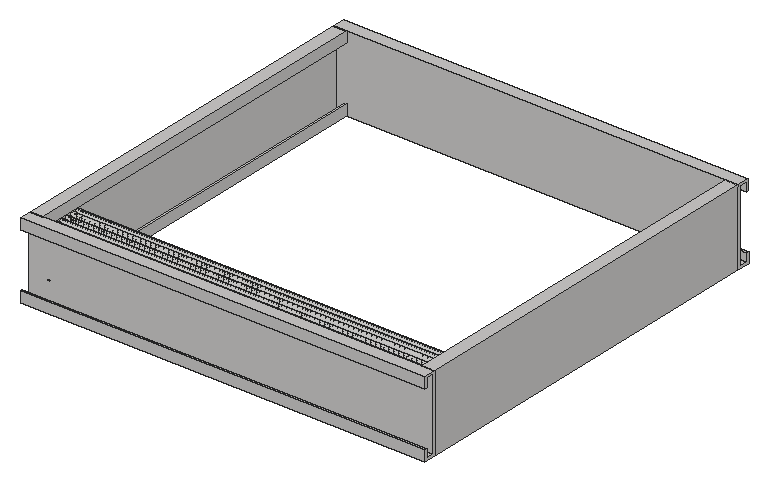
Revit family "Damper_Volume_Control-Carnes-Alum-Airfoil_Blade-FAAA", category Duct Accessories, host Face, Revit 2012
Parameters (values of type "FAAA")
  ecoScorecard_data = ""
  ecoScorecard Product Page = "http://ecoscorecard.com/"
  Width = 24"
  Warranty URL = "http://www.carnes.com/GeneralCatalogs/termcond.pdf"
  URL = "http://www.carnes.com/index.html"
  Subcategory = "Louvers and Dampers"  # constant formula
  Spec Sheet URL = "http://www.carnes.com/Louvers/pdf/17156.pdf"
  Product Page URL = "http://www.carnes.com/Louvers/FD.htm"
  Product Line = "Aluminum Airfoil Blade Control Damper with Optional Insulated Blade"  # constant formula
  Offset = 1"
  Model = "FAAA"  # constant formula
  Minimum Size = "8\"W x 8\"H"
  Maximum Vertical Size = "60\"W x 72\"H (Single Section), Multi-section unlimited"
  Maximum System Velocity = 2000 FPM  # constant formula
  Maximum Size Note = ""
  Maximum Horinzontal Size = "60\"W x 72\"H (Single Section), Multi-section unlimited"
  Manufacturer Phone = "608-845-6411"  # constant formula
  Manufacturer Fax = "608-845-6470"  # constant formula
  Manufacturer Email = "mailto:carnes@carnes.com"
  Manufacturer Address = "448 S. Main St., P. O. Box 930040, Verona, WI 53593-0040"  # constant formula
  Manufacturer = "CARNES COMPANY"  # constant formula
  Installation and Maintenance URL = "http://www.carnes.com/FireDampers/pdf/40001.pdf"
  Height = 24"
  Free Area Note = "See Spec Sheet URL"  # constant formula
  Frame Material = Metal - Carnes - Steel - Galvanized
  Fire Closure Device = ""
  Duct Connector 2 = "Duct Connection 2"  # constant formula
  Duct Connector 1 = "Duct Connection 1"  # constant formula
  Description = "Aluminum Airfoil Blade Control Damper with Optional Insulated Blade"  # constant formula
  Depth = 4 1/2"
  Default Elevation = 0"
  Cost Info = "mailto:carnes@carnes.com"
  Catalog URL = "http://www.carnes.com/Louvers/pdf/f85-97.pdf"
  Blades Length = Actual Width - 1 1/2"  # 22 1/2"
  Blade Material = Metal - Carnes - Steel - Galvanized
  Assembly Code = "B2010300"
  Actual Width = if(Width < 6", 6", if(Width > 72", 72", Width))  # 24"
  Actual Height = if(Height < 6", 6", if(Height > 72", 72", Height))  # 24"
  95 CSI = "10200"  # constant formula
  04 CSI = "08 91 00"  # constant formula
Reference planes (in)
  plane 1 "Center (Front/Back)": y = 0
  plane 2: z = 0
  plane 3 "Center (Left/Right)": x = 0
  plane 4: x = -12
  plane 5: x = 12
  plane 6: y = 12
  plane 7: y = -12
  plane 8: y = -10.9375
  plane 9: x = -11.20993
  plane 10: x = 11.20993
  plane 11: z = -1.5
  plane 12: y = -11.47734
  plane 13: x = 10.20993
  plane 14: z = -3.375
  plane 15: z = -1
  plane 16: y = -9.48917
  plane 17: z = 0.09375
  plane 18: z = 3.5
  plane 19: z = -2.09375
  plane 20: z = -5.5
Forms (in)
  Extrusion 1, void
    sketch origin (0, 0, 0) x (1, 0, 0) y (0, 1, 0)
      loop
        line (12, -12) -> (12, 12) -> (-12, 12) -> (-12, -12) -> (12, -12)
    from 0 to -32.56442
  Sweep 2, solid, material "Metal - Carnes - Steel - Galvanized" <- "Frame Material", detail levels medium+fine
    path origin (0, -21.84066, -1) x (-1, 0, 0) y (0, -1, 0)
      loop
        line (-12, -33.09066) -> (-12, -10.59066)
    profile "Profile : Profile" origin (12, 0, -1) x (1, 0, 0) y (0, 0, 1)
      loop
        line (0, 2.25) -> (-0.75, 2.25) -> (-0.75, 1.625) -> (-0.625, 1.625) -> (-0.625, 2.125) -> (-0.125, 2.125) -> (-0.125, -2.125) -> (-0.625, -2.125) -> (-0.625, -1.625) -> (-0.75, -1.625) -> (-0.75, -2.25) -> (0, -2.25) -> (0, 2.25)
  Sweep 3, solid, material "Metal - Carnes - Steel - Galvanized" <- "Frame Material", detail levels coarse
    path origin (0, -21.84066, -1) x (-1, 0, 0) y (0, -1, 0)
      loop
        line (0, -9.84066) -> (0, -33.84066)
    profile origin (0, 0, -1) x (-1, 0, 0) y (0, 0, 1)
      loop
        line (-12, 2.25) -> (-12, -2.25) -> (12, -2.25) -> (12, 2.25) -> (-12, 2.25)
  Sweep 4, solid, material "Metal - Carnes - Steel - Galvanized" <- "Frame Material", detail levels medium+fine
    path origin (0, -21.84066, -1) x (-1, 0, 0) y (0, -1, 0)
      loop
        line (12, -33.09066) -> (12, -10.59066)
    profile "Profile : Profile" origin (-12, 0, -1) x (1, 0, 0) y (0, 0, 1)
      loop
        line (0, 2.25) -> (0, -2.25) -> (0.75, -2.25) -> (0.75, -1.625) -> (0.625, -1.625) -> (0.625, -2.125) -> (0.125, -2.125) -> (0.125, 2.125) -> (0.625, 2.125) -> (0.625, 1.625) -> (0.75, 1.625) -> (0.75, 2.25) -> (0, 2.25)
  Sweep 5, solid, material "Metal - Carnes - Steel - Galvanized" <- "Frame Material", detail levels medium+fine
    path origin (0, -21.84066, -1) x (-1, 0, 0) y (0, -1, 0)
      loop
        line (12, -9.84066) -> (-12, -9.84066)
    profile "Profile : Profile" origin (0, -12, -1) x (0, 1, 0) y (0, 0, 1)
      loop
        line (0.75, 2.25) -> (0, 2.25) -> (0, 1.625) -> (0.125, 1.625) -> (0.125, 2.125) -> (0.625, 2.125) -> (0.625, -2.125) -> (0.125, -2.125) -> (0.125, -1.625) -> (0, -1.625) -> (0, -2.25) -> (0.75, -2.25) -> (0.75, 2.25)
  Sweep 6, solid, material "Metal - Carnes - Steel - Galvanized" <- "Frame Material", detail levels medium+fine
    path origin (0, 20.34066, -1) x (1, 0, 0) y (0, 1, 0)
      loop
        line (-12, -8.34066) -> (12, -8.34066)
    profile "Profile : Profile" origin (0, 12, -1) x (0, 1, 0) y (0, 0, 1)
      loop
        line (-0.75, 2.25) -> (-0.75, -2.25) -> (0, -2.25) -> (0, -1.625) -> (-0.125, -1.625) -> (-0.125, -2.125) -> (-0.625, -2.125) -> (-0.625, 2.125) -> (-0.125, 2.125) -> (-0.125, 1.625) -> (0, 1.625) -> (0, 2.25) -> (-0.75, 2.25)
Lines and regions (in)
  symbolic lines, style "Damper"
    curve 1: line (12, 12, -1) -> (12, -12, -1)
    curve 2: line (-12, 12, -1) -> (12, 12, -1)
    curve 3: line (-12, -12, -1) -> (-12, 12, -1)
    curve 4: line (12, -12, -1) -> (-12, -12, -1)
  symbolic lines, style "Damper", detail levels medium+fine
    curve 5: line (12, 11.25, -1) -> (-12, 11.25, -1)
    curve 6: line (-11.25, 11.25, -1) -> (-11.25, -11.25, -1)
    curve 7: line (-12, -11.25, -1) -> (12, -11.25, -1)
    curve 8: line (11.25, -11.25, -1) -> (11.25, 11.25, -1)
Dimensions and locks (in)
  equal spacing: plane 7, plane 1 "Center (Front/Back)", plane 6
  equal spacing: plane 4, plane 3 "Center (Left/Right)", plane 5
  "Actual Width": plane 4 to plane 5
  "Actual Height": plane 6 to plane 7
  locked: plane 7 to plane 8 at 1.0625
  locked: plane 4 to plane 9 at 0.79007
  locked: plane 10 to plane 5 at 0.79007
  locked: plane 12 to plane 7 at 0.52266
  locked: plane 13 to plane 10 at 1
  locked: plane 14 to plane 15 at 2.375
  locked: plane 16 to plane 8 at 1.44833
  "Offset": level to plane 15
  locked: plane 17 to plane 18 at 3.40625
  locked: plane 15 to plane 17 at 1.09375
  locked: plane 15 to plane 19 at 1.09375
  locked: plane 19 to plane 20 at 3.40625
  equal spacing: Sweep 3 sketch curve, plane 3 "Center (Left/Right)", Sweep 3 sketch curve
  "Actual Width": Sweep 3 sketch curve to Sweep 3 sketch curve
  aligned and locked: plane 2 to host face
  aligned and locked: level to host face
  aligned and locked: plane 5 to Extrusion 1 sketch curve
  aligned and locked: plane 7 to Extrusion 1 sketch curve
  aligned and locked: Extrusion 1 sketch curve to plane 4
  aligned and locked: Extrusion 1 sketch curve to plane 6
  aligned and locked: Extrusion 1 to level
  aligned: nested 2 to plane 12
  aligned: nested 2 to plane 15  (x3)
  aligned: nested 1 to plane 15  (x3)
  aligned: plane 12 to nested 1
  aligned and locked: plane 6 to Sweep 3 sketch curve
  aligned and locked: plane 7 to Sweep 3 sketch curve
  aligned and locked: plane 3 "Center (Left/Right)" to Sweep 3 sketch curve
  aligned: curve 8 to Sweep 2
  aligned: nested 1 to Sweep 2
  aligned: nested 2 to nested 1  (x4)
  aligned and locked: plane 4 to Sweep 4 sketch curve
  aligned and locked: Sweep 5 sketch curve to plane 7
  aligned and locked: plane 4 to Sweep 5 sketch curve
  aligned and locked: plane 5 to Sweep 5 sketch curve
  aligned and locked: Sweep 5 to Sweep 4 sketch curve
  aligned: nested 1 to Sweep 5
  aligned and locked: Sweep 2 sketch curve to Sweep 5
  aligned and locked: Sweep 6 sketch curve to plane 6
  aligned and locked: plane 5 to Sweep 6 sketch curve
  aligned and locked: plane 4 to Sweep 6 sketch curve
  aligned and locked: Sweep 6 to Sweep 2 sketch curve
  aligned and locked: Sweep 4 sketch curve to Sweep 6
  aligned and locked: curve 6 to Sweep 4
  aligned and locked: curve 7 to Sweep 5
  aligned and locked: curve 8 to Sweep 2
  aligned and locked: nested 2 to Sweep 4
  aligned and locked: nested 1 to Sweep 4
  aligned and locked: Sweep 3 sketch curve to Sweep 5  (x2)
  aligned: plane 15 to nested 2
  aligned and locked: plane 15 to nested 1
  aligned and locked: curve 5 to Sweep 6
  aligned and locked: Sweep 3 to curve 5
  aligned and locked: curve 5 to Sweep 4
  aligned and locked: nested 1 to Sweep 5
  aligned and locked: plane 15 to nested 2  (x2)
  aligned and locked: nested 2 to nested 1
  aligned and locked: nested 3 to nested 2
  aligned and locked: plane 15 to nested 3
  aligned and locked: nested 4 to nested 3
  aligned and locked: plane 15 to nested 4
  aligned and locked: nested 5 to nested 4
  aligned and locked: plane 15 to nested 5
  aligned and locked: nested 6 to nested 5
  aligned and locked: nested 7 to nested 6
  aligned and locked: plane 15 to nested 7
Automatic sketch dimensions
  host sketch curve to host sketch curve = 96"  (x2)
  Sweep 2 sketch curve to plane 5 = 0"
  curve 3 to plane 6 = 0"
  plane 7 to curve 1 = 0"
  curve 2 to plane 5 = 0"
Nested families (in)
  nested 1: "Blade" at (0, -11.25, -2.65552), type "Blades", detail levels fine
  nested 2: "Blade" at (0, -10.85234, -2.65552), type "Blades", detail levels fine
  nested 3: "Blade" at (0, -10.45467, -2.65552), type "Blades", detail levels fine
  nested 4: "Blade" at (0, -10.05701, -2.65552), type "Blades", detail levels fine
  nested 5: "Blade" at (0, -9.65935, -2.65552), type "Blades", detail levels fine
  nested 6: "Blade" at (0, -9.26169, -2.65552), type "Blades", detail levels fine
  nested 7: "Blade" at (0, -8.86402, -2.65552), type "Blades", detail levels fine
Connectors (in)
  hvac at (0, 0, 1.25), driven by "Actual Height", driven by "Actual Width", driven by "Duct Connector 1"
    settings: on Sweep 3, index 1, duct flow 0 CFM, flow factor 0, pres drop 0.00 in-wg, loss coef 0, conn angle 0.00°, conn width 24", conn height 24", conn radius 12", duct sys type 1, conn prof type 1, flow config 0, flow direction 0, loss method 0, conn ref index 2, conn util no, is conn primary yes, conn desc "Duct Connection 1"
  hvac at (0, 0, -3.25), driven by "Actual Height", driven by "Actual Width", driven by "Duct Connector 2"
    settings: on Sweep 3, index 2, duct flow 0 CFM, flow factor 0, pres drop 0.00 in-wg, loss coef 0, conn angle 0.00°, conn width 24", conn height 24", conn radius 12", duct sys type 1, conn prof type 1, flow config 0, flow direction 0, loss method 0, conn ref index 1, conn util no, is conn primary no, conn desc "Duct Connection 2"
Definition of nested family "Blade"
  Parameters (values of type "Blades")
    Width = 22 1/2"
    Unit = none
    Assembly Code = ""
  Reference planes (in)
    plane 1 "Center (Front/Back)": y = 0
    plane 2: z = 0
    plane 3 "Center (Left/Right)": x = 0
    plane 4: x = -11.25
    plane 5: x = 11.25
    plane 6: z = 3.25
    plane 7: z = 0.12354
    plane 8: y = 0.39766
    plane 9: z = 3.1875
    plane 10: z = 1.65552
  Forms (in)
    Extrusion 1, solid, material <- "Unit"
      sketch origin (0, 0, 0.35938) x (0, 1, 0) y (0, 0, 1)
        loop
          arc (0.23008, 2.43293) -> (0.19883, 2.82812) -> (0.16758, 2.43293) r 0.19883
          line (0.16758, 2.43293) -> (0.16758, 0.15936)
          arc (0.16758, 0.15936) -> (0.19883, -0.23583) -> (0.23008, 0.15936) r 0.19883
          line (0.23008, 0.15936) -> (0.23008, 2.43293)
        loop
          circle (0.19883, -0.037) r 0.13633
        loop
          circle (0.19883, 2.62929) r 0.13633
      from -11.25 to 11.25
  Lines and regions (in)
    symbolic lines, style "Damper"
      curve 1: line (-11.25, 0.39763, 0) -> (11.25, 0.39763, 0)
      curve 2: line (11.25, 0, 0) -> (-11.25, 0, 0)
      curve 3: line (-11.25, 0, 0) -> (-11.25, 0.39763, 0)
      curve 4: line (11.25, 0, 0) -> (11.25, 0.39763, 0)
  Dimensions and locks (in)
    equal spacing: plane 4, plane 3 "Center (Left/Right)", plane 5
    "Width": plane 4 to plane 5
    plane 6 to level = 3 1/4"  (x2)
    locked: plane 6 to plane 9 at 0.0625
    aligned and locked: level to plane 2
    aligned and locked: plane 4 to Extrusion 1
    aligned and locked: plane 5 to Extrusion 1
    aligned and locked: curve 2 to plane 1 "Center (Front/Back)"
    aligned and locked: curve 3 to plane 4
    aligned and locked: plane 5 to curve 4
  Automatic sketch dimensions
    plane 8 to curve 3 = 0.00003"
    Extrusion 1 sketch curve to Extrusion 1 sketch curve = 0"  (x5)
    Extrusion 1 sketch curve to plane 1 "Center (Front/Back)" = 0.16758"
    Extrusion 1 sketch curve to Extrusion 1 sketch curve = 1/32"
    Extrusion 1 sketch curve to plane 1 "Center (Front/Back)" = 0.19883"
    Extrusion 1 sketch curve to plane 7 = 0.19883"
    Extrusion 1 sketch curve to Extrusion 1 sketch curve = 0.19636"  (x2)
    Extrusion 1 sketch curve to plane 9 = 0.39519"
    radius of Extrusion 1 sketch curve = 0.13633"  (x2)
